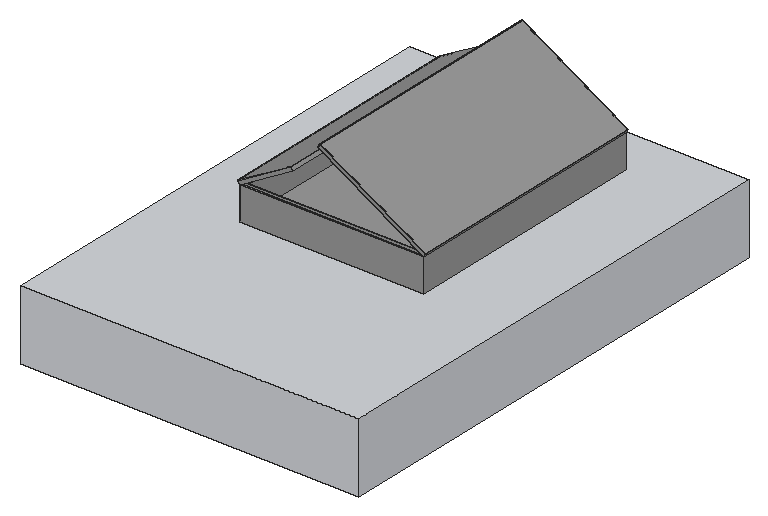
Revit family "Hager-Univers-IP44-D161-H1100-Cl.II-FWQ_encl-NL-en", category Equipement électrique, Revit 2020
Family settings
  Hôte = Face
  Configuration du panneau = Deux colonnes, circuits au sein
  Cote de connecteur circulaire = Utiliser le diamètre
  Type d'élément = Tableau de raccordement
  Couper avec des vides une fois chargée = Non
  Partagée = Non
  Point de calcul de pièce = Non
Parameters (values of type "Surface mounted (plaster) IP44 W800 H1100 D161  - FWQ73P")
  Width Control [instance] = if([EF000008 - Width] > Min Width, [EF000008 - Width], Min Width)  # 800 mm
  Commentaires du type = [HG000003 - Range]  # "Univers"
  Thickness Door [instance] = if([EF009171 - Material plate thickness door/cover] > 3 mm, 3 mm, [EF009171 - Material plate thickness door/cover])  # 2 mm
  Seal Frame Offset [instance] = 17 mm  # constant formula
  Plinth Visibility [instance] = [HG000027 - Plinth height] > 0 mm  # no
  Model = ""
  Min Width [instance] = 100 mm  # constant formula
  Min Height [instance] = 100 mm  # constant formula
  Min Depth [instance] = (2 * [EF009170 - Material plate thickness cabinet]) + 1 mm  # 5 mm
  Internal Frame Depth [instance] = (Door System Depth * 0.5)  # 9 mm
  Height Control [instance] = if([EF000040 - Height] > Min Height, [EF000040 - Height], Min Height)  # 1100 mm
  HG000027 - Plinth height = 0 mm
  HG000026 - Floor standing = no
  HG000024 - Bottom section height = 800 mm
  HG000023 - Double section enclosure = no
  HG000016 - Door 3d visibility [instance] = yes
  HG000015 - Clearance visibility [instance] = no
  HG000014 - Door on the right [instance] = yes
  HG000013 - Door on the left [instance] = not([HG000014 - Door on the right])  # no
  HG000012 - Door swing angle [instance] = 30.00°
  HG000010 - Asymmetric doors = yes
  HG000009 - Double swing door = yes
  HG000006 - Flush mounted = no
  HG000004 - Manufacturer reference = "FWQ73P"
  HG000003 - Range = "Univers"
  HG000002 - With door or cover = yes
  Frame Offset Bottom [instance] = 10 mm  # constant formula
  Frame Offset [instance] = 15 mm  # constant formula
  EF015940 - Cover with overpressure release = no
  EF011959 - Degree of protection (NEMA) = ""
  EF009554 - Number of openings for flange plates = 6
  EF009212 - Cover model = "EV009916 - With notch"
  EF009171 - Material plate thickness door/cover = 2 mm
  EF009170 - Material plate thickness cabinet = 2 mm
  Fabricant = "Hager"  # constant formula
  EF008873 - Nominal current (In) = 125 A
  EF007800 - Suitable for lightning protection = no
  EF006306 - With lock = no
  EF006244 - Transparent cover/door = no
  EF005474 - Degree of protection (IP) = "EV006418 - IP44"
  EF004464 - Type of door = "EV002646 - Single"
  EF004427 - Number of modules = 252
  EF004293 - Impact strength = "EV006815 - IK09"
  EF003532 - Suitable for outdoor use = no
  EF002950 - Width in number of modular spacings = 12
  EF001613 - Circuit integrity = "EV000494 - None"
  EF001596 - Material housing = "EV000179 - Steel"
  EF001131 - Internal depth = 161 mm
  EF001088 - Extension possible = yes
  EF000437 - Number of conduit inlets = 12
  EF000339 - Type of cover = "EV001012 - Cover"
  EF000266 - Number of rows = 21
  EF000218 - Built-in depth = 0 mm
  EF000118 - With mounting plate = yes
  EF000116 - RAL-number = "9010"
  EF000049 - Depth = 161 mm
  EF000040 - Height = 1100 mm
  EF000008 - Width = 800 mm
  EF000007 - Colour = "EV000202 - White"
  EF000003 - Mounting method = "EV000384 - Surface mounted (plaster)"
  Door System Leaf Tolerance [instance] = 1.5 mm  # constant formula
  Door System Depth [instance] = 18 mm  # constant formula
  Door Height [instance] = Height Control - [HG000027 - Plinth height]  # 1100 mm
  Depth Control [instance] = if([EF000049 - Depth] > Min Depth, [EF000049 - Depth], Min Depth)  # 161 mm
  Default Elevation = 0 mm
  Connector Offset [instance] = Height Control / 2  # 550 mm
  Bottom Top Plate Trim [instance] = 1.5 mm  # constant formula
  Plinth height Ctrl [instance] = if([HG000027 - Plinth height] > 0 mm, [HG000027 - Plinth height], 12 mm)  # 12 mm
Types (4, lengths in mm): name | Width Control | HG000010 - Asymmetric doors | HG000009 - Double swing door | HG000004 - Manufacturer reference | EF009554 - Number of openings for flange plates | EF004427 - Number of modules | EF000437 - Number of conduit inlets | EF000266 - Number of rows | EF000008 - Width
  Surface mounted (plaster) IP44 W1050 H1100 D161  - FWQ74P | 1050 | no | yes | "FWQ74P" | 8 | 336 | 16 | 28 | 1050
  Surface mounted (plaster) IP44 W300 H1100 D161  - FWQ71P | 300 | no | no | "FWQ71P" | 2 | 84 | 4 | 1 | 300
  Surface mounted (plaster) IP44 W550 H1100 D161  - FWQ72P | 550 | no | no | "FWQ72P" | 4 | 168 | 8 | 14 | 550
  Surface mounted (plaster) IP44 W800 H1100 D161  - FWQ73P | 800 | yes | yes | "FWQ73P" | 6 | 252 | 12 | 21 | 800
Reference planes
  plane 1 "Center (Front/Back)": y = 0
  plane 2: z = 0
  plane 3 "Center (Left/Right)": x = 0
  plane 4: z = 161
  plane 5: y = 2
  plane 6: y = 550
  plane 7: y = 0
  plane 8: y = 1100
  plane 9: z = 0
  plane 10: x = -385
  plane 11: x = 385
  plane 12: x = 383
  plane 13: x = -383
  plane 14: y = 1098
  plane 15: x = -383
  plane 16: x = -400
  plane 17: x = 383
  plane 18: x = 400
  plane 19: x = 398
  plane 20: x = -398
  plane 21: y = 12
  plane 22: y = 1100
  plane 23: y = 1083
  plane 24: z = 143
  plane 25: z = 2
  plane 26: z = 141
  plane 27: z = 159
Forms (mm)
  Extrusion 1, solid
    sketch origin (0, 0, 0) x (1, 0, 0) y (0, 1, 0)
      loop
        line (-702.964, 1305) -> (-702.964, -811.445) -> (766.763, -811.445) -> (766.763, 1305) -> (-702.964, 1305)
    from 0 to -304.8
  Extrusion 2, solid, material "Hager_Steel_RAL7035_Light_Grey", visible <- "Plinth Visibility", detail levels medium+fine
    sketch origin (0, 0, 0) x (1, 0, 0) y (0, 1, 0)
      loop
        line (-400, 0) -> (400, 0) -> (400, 12) -> (-400, 12) -> (-400, 0)
    from 0 to 143
  Extrusion 3, solid, material "Hager_Steel_RAL7035_Light_Grey", detail levels medium+fine
    sketch origin (0, 0, 0) x (1, 0, 0) y (0, 1, 0)
      loop
        line (-400, 0) -> (400, 0) -> (400, 1100) -> (-400, 1100) -> (-400, 0)
    from 0 to 143
  Extrusion 4, void
    sketch origin (0, 0, 0) x (1, 0, 0) y (0, 1, 0)
      loop
        line (-398, 2) -> (398, 2) -> (398, 1098) -> (-398, 1098) -> (-398, 2)
    from 2 to 141
  Extrusion 5, void
    sketch origin (-381.607, -4572, 143) x (0, -1, 0) y (-1, 0, 0)
      loop
        line (-4584, 1.393) -> (-5655, 1.393) -> (-5655, -764.607) -> (-4584, -764.607) -> (-4584, 1.393)
    from 0 to 2 <- "EF009170 - Material plate thickness cabinet"
  Extrusion 6, solid, material "Hager_Steel_RAL7035_Light_Grey", detail levels fine
    sketch origin (0, 0, 143) x (1, 0, 0) y (0, 1, 0)
      loop
        line (-383, 1083) -> (-383, 12) -> (383, 12) -> (383, 1083) -> (-383, 1083)
      loop
        line (-385, 10) -> (385, 10) -> (385, 1085) -> (-385, 1085) -> (-385, 10)
    from 0 to 9 <- "Internal Frame Depth"
  Extrusion 7, solid, material "Hager_Steel_RAL7035_Light_Grey", detail levels coarse
    sketch origin (0, 0, 0) x (1, 0, 0) y (0, 1, 0)
      loop
        line (-400, 0) -> (400, 0) -> (400, 1100) -> (-400, 1100) -> (-400, 0)
    from 0 to 161
  Sweep 8, void
    path in 3D
      loop
        line (-400, 12, 0) -> (400, 12, 0) -> (400, 12, 143) -> (-400, 12, 143) -> (-400, 12, 0)
    profile origin (-400, 12, 71.5) x (-1, 0, 0) y (0, -1, 0)
      loop
        line (0, 0) -> (0, 1.5) -> (-1.5, 1.5)
        arc (-1.5, 1.5) -> (-1.061, 0.439) -> (0, 0) r 1.5
Cuts and joins
  Extrusion 4, Extrusion 5 cuts Extrusion 3
  Sweep 8 cuts Extrusion 2
Lines and regions (mm)
  Masking region 1
    outline origin (0, 0, 0) x (1, 0, 0) y (0, 0, 1)
      loop
        line (-400, 161) -> (-400, 0) -> (400, 0) -> (400, 161) -> (-400, 161)
  Masking region 2, detail levels medium+fine
    outline origin (0, 140, 0) x (0, 1, 0) y (0, 0, 1)
      loop
        line (-140, 0) -> (960, 0) -> (960, 143) -> (-140, 143) -> (-140, 0)
  Masking region 3, not visible, detail levels medium+fine
    outline origin (0, 297.922, 0) x (0, 1, 0) y (0, 0, 1)
      loop
        line (263.578, 0) -> (303.578, 0) -> (303.578, 149)
        arc (303.578, 149) -> (300.649, 156.071) -> (293.578, 159) r 10
        line (293.578, 159) -> (263.578, 159) -> (263.578, 0)
  Masking region 4, detail levels coarse
    outline origin (0, 0, 180) x (0, 1, 0) y (0, 0, 1)
      loop
        line (0, -180) -> (1100, -180) -> (1100, -19) -> (0, -19) -> (0, -180)
  Masking region 5, visible <- "Plinth Visibility", detail levels medium+fine
    outline origin (0, 52.24, 12.345) x (0, 0, -1) y (0, 1, 0)
      loop
        line (10.845, -40.24) -> (-129.155, -40.24)
        arc (-129.155, -40.24) -> (-129.594, -41.301) -> (-130.655, -41.74) r 1.5
        line (-130.655, -41.74) -> (-130.655, -52.24) -> (12.345, -52.24) -> (12.345, -41.74)
        arc (12.345, -41.74) -> (11.285, -41.301) -> (10.845, -40.24) r 1.5
  Masking region 6, detail levels medium+fine
    outline origin (-381.607, -4572, 143) x (-1, 0, 0) y (0, -1, 0)
      loop
        line (18.393, -5672) -> (18.393, -4572) -> (-781.607, -4572) -> (-781.607, -5672) -> (18.393, -5672)
  Masking region 7, visible <- "Plinth Visibility", detail levels medium+fine
    outline origin (-381.607, -4727, 143) x (-1, 0, 0) y (0, -1, 0)
      loop
        arc (16.893, -4739) -> (17.332, -4737.939) -> (18.393, -4737.5) r 1.5
        line (18.393, -4737.5) -> (18.393, -4727) -> (-781.607, -4727) -> (-781.607, -4737.5)
        arc (-781.607, -4737.5) -> (-780.546, -4737.939) -> (-780.107, -4739) r 1.5
        line (-780.107, -4739) -> (16.893, -4739)
  Masking region 8, detail levels coarse
    outline origin (-442.548, -4669.526, 143) x (-1, 0, 0) y (0, -1, 0)
      loop
        line (-42.548, -5769.526) -> (-42.548, -4669.526) -> (-842.548, -4669.526) -> (-842.548, -5769.526) -> (-42.548, -5769.526)
  sketch lines
    curve 1: line (-400, 12, 143) -> (-400, 12, 0)
    curve 2: line (400, 12, 143) -> (-400, 12, 143)
    curve 3: line (400, 12, 143) -> (400, 12, 0)
    curve 4: line (-400, 12, 0) -> (400, 12, 0)
Dimensions and locks
  "Depth Control": plane 4 to Extrusion 1
  "HG000027 - Plinth height": plane 1 "Center (Front/Back)" to plane 7
  "EF009170 - Material plate thickness cabinet": plane 5 to plane 7
  locked: connector elem to plane 3 "Center (Left/Right)"
  equal spacing: plane 8, plane 6, plane 7
  locked: connector elem to plane 6
  "EF009170 - Material plate thickness cabinet": plane 8 to plane 14
  "EF009170 - Material plate thickness cabinet": plane 10 to plane 13
  "EF009170 - Material plate thickness cabinet": plane 12 to plane 11
  "Frame Offset": plane 20 to plane 13
  "Frame Offset": plane 12 to plane 19
  "EF009170 - Material plate thickness cabinet": plane 16 to plane 20
  "EF009170 - Material plate thickness cabinet": plane 19 to plane 18
  "Seal Frame Offset": plane 16 to plane 15
  "Seal Frame Offset": plane 17 to plane 18
  "Frame Offset Bottom": plane 21 to plane 5
  "Frame Offset": plane 14 to plane 23
  equal spacing: plane 16, plane 3 "Center (Left/Right)", plane 18
  "Width Control": plane 16 to plane 18
  "EF009170 - Material plate thickness cabinet": plane 4 to plane 27
  "EF009170 - Material plate thickness cabinet": plane 24 to plane 26
  "EF009170 - Material plate thickness cabinet": plane 25 to level
  "Door System Depth": plane 4 to plane 24
  "Height Control": plane 1 "Center (Front/Back)" to Extrusion 7 sketch curve
  "Height Control": Masking region 4 sketch curve to plane 1 "Center (Front/Back)"
  "Height Control": plane 1 "Center (Front/Back)" to plane 22
  "Bottom Top Plate Trim": profile plane to Sweep 8 sketch curve
  "Bottom Top Plate Trim": Sweep 8 sketch curve to profile plane
  "Plinth height Ctrl": plane 1 "Center (Front/Back)" to Extrusion 2 sketch curve
  "Plinth height Ctrl": Masking region 5 sketch curve to plane 1 "Center (Front/Back)"
  "Plinth height Ctrl": plane 1 "Center (Front/Back)" to Masking region 7 sketch curve
  "Thickness Door": Extrusion 6 sketch curve to Extrusion 6 sketch curve  (x3)
  "Thickness Door": cut or joined group of Extrusion 3, Extrusion 4, Extrusion 5 to Extrusion 6 sketch curve
  radius of Masking region 3 sketch curve = 10 mm
  "Bottom Top Plate Trim": radius of Masking region 5 sketch curve  (x2)
  "Bottom Top Plate Trim": radius of Sweep 8 sketch curve
  "Bottom Top Plate Trim": radius of Masking region 7 sketch curve  (x2)
  aligned and locked: plane 2 to Extrusion 1
  aligned and locked: level to Extrusion 1
  aligned and locked: level to Masking region 1 sketch curve
  aligned and locked: Masking region 1 sketch curve to plane 18
  aligned and locked: Masking region 1 sketch curve to plane 16
  aligned and locked: plane 7 to Masking region 2 sketch curve
  aligned and locked: level to Masking region 3 sketch curve
  aligned and locked: Masking region 3 sketch curve to plane 27
  aligned and locked: level to Masking region 2 sketch curve
  aligned and locked: plane 1 "Center (Front/Back)" to Extrusion 2 sketch curve
  aligned and locked: Extrusion 3 sketch curve to plane 7
  aligned and locked: plane 16 to Extrusion 3 sketch curve
  aligned and locked: plane 18 to Extrusion 3 sketch curve
  aligned and locked: plane 20 to Extrusion 4 sketch curve
  aligned and locked: plane 19 to Extrusion 4 sketch curve
  aligned and locked: Extrusion 4 sketch curve to plane 5
  aligned and locked: Extrusion 4 to plane 25
  aligned and locked: plane 26 to Extrusion 4
  aligned and locked: plane 24 to Extrusion 3
  aligned and locked: Extrusion 5 sketch curve to plane 21
  aligned and locked: Extrusion 5 sketch curve to plane 13
  aligned and locked: Extrusion 5 sketch curve to plane 12
  aligned and locked: plane 18 to Extrusion 7 sketch curve
  aligned and locked: plane 1 "Center (Front/Back)" to Extrusion 7 sketch curve
  aligned and locked: plane 16 to Extrusion 7 sketch curve
  aligned and locked: plane 4 to Extrusion 7
  aligned and locked: Extrusion 7 to level
  aligned and locked: level to Masking region 4 sketch curve
  aligned and locked: Masking region 4 sketch curve to plane 1 "Center (Front/Back)"
  aligned and locked: Masking region 4 sketch curve to plane 4
  aligned and locked: nested 1 to level
  aligned and locked: nested 1 to plane 16
  aligned and locked: plane 8 to Extrusion 3 sketch curve
  aligned and locked: plane 23 to Extrusion 5 sketch curve
  aligned and locked: plane 14 to Extrusion 4 sketch curve
  aligned and locked: Masking region 2 sketch curve to plane 8
  aligned and locked: level to Masking region 5 sketch curve
  aligned and locked: plane 16 to Extrusion 2 sketch curve
  aligned and locked: plane 18 to Extrusion 2 sketch curve
  aligned and locked: Masking region 5 sketch curve to plane 24
  aligned and locked: Masking region 2 sketch curve to plane 24
  aligned and locked: plane 24 to Extrusion 2
  aligned and locked: profile plane to Sweep 8 sketch curve  (x2)
  aligned and locked: Masking region 6 sketch curve to plane 18
  aligned and locked: Masking region 6 sketch curve to plane 22
  aligned and locked: Masking region 6 sketch curve to plane 16
  aligned and locked: plane 8 to plane 22
  aligned and locked: Masking region 6 sketch curve to plane 7
  aligned and locked: Masking region 7 sketch curve to plane 16
  aligned and locked: Masking region 7 sketch curve to plane 1 "Center (Front/Back)"
  aligned and locked: Masking region 7 sketch curve to plane 18
  aligned and locked: Masking region 8 sketch curve to plane 1 "Center (Front/Back)"
  aligned and locked: Masking region 8 sketch curve to plane 18
  aligned and locked: Masking region 8 sketch curve to plane 22
  aligned and locked: Masking region 8 sketch curve to plane 16
  aligned and locked: nested 2 to plane 7
  aligned and locked: plane 3 "Center (Left/Right)" to nested 2
  aligned and locked: nested 2 to plane 24
  aligned and locked: Extrusion 6 sketch curve to cut or joined group of Extrusion 3, Extrusion 4, Extrusion 5  (x4)
Automatic sketch dimensions
  Extrusion 1 sketch curve to Extrusion 1 sketch curve = 1469.727 mm
  Extrusion 1 sketch curve to Extrusion 1 sketch curve = 2116.445 mm
  Masking region 1 sketch curve to plane 4 = 0 mm
  plane 6 to Masking region 3 sketch curve = 11.5 mm
  Masking region 3 sketch curve to Masking region 3 sketch curve = 30 mm
  Masking region 5 sketch curve to plane 1 "Center (Front/Back)" = 0 mm
Nested families
  nested 1: "Hager_Enclosure_Symbol" at (-400, 0, 0) x (1, 0, 0) z (0, -1, 0), Height <- "Depth Control", Width <- "Width Control", type "Hager_Enclosure_Symbol"
    with Width_Ctrl 800 mm, Width 800 mm, Height_Ctrl 161 mm, Height 161 mm, A_Width_Int 10.566 mm, A_Width 126.788 mm, A_Height_Ctrl 140.875 mm, A_Height 140.875 mm
  nested 2: "EC000058_Univers_Door" at (0, 0, 143) x (1, 0, 0) z (0, 1, 0), Leaf_Tolerance <- "Door System Leaf Tolerance", Angle <- "HG000012 - Door swing angle", Door_Depth <- "Door System Depth", Door_Left <- "HG000013 - Door on the left", Transparent <- "EF006244 - Transparent cover/door", Assymetrical <- "HG000010 - Asymmetric doors", Width <- "Width Control", Clearance <- "HG000015 - Clearance visibility", Double <- "HG000009 - Double swing door", 3d_Door <- "HG000016 - Door 3d visibility", Lock_Visibility <- "EF006306 - With lock", Width_Ctrl <- "Width Control", Door_Right <- "HG000014 - Door on the right", Door <- "HG000002 - With door or cover", Height <- "Door Height", Thickness <- "Thickness Door", type "EC000058_Univers_Door", detail levels medium+fine
    with min_wh 5 mm, Width_Ctrl 800 mm, Width 800 mm, Transparent no, Thickness 2 mm, Seal_Material Hager_Rubber, Lock_Visibility no, Lock_Material Hager_Plastic_RAL9005_Jet_Black, Leaf_Width 800 mm, Leaf_Tolerance_External_Sides 0 mm, Leaf_Tolerance 1.5 mm, Leaf_Offset 0 mm, Leaf_Height 1097 mm, Leaf_2_Width 532.583 mm, Leaf_2_Offset 266.292 mm, Leaf_1_Width 265.917 mm, Leaf_1_Offset 132.958 mm, Height_Ctrl 1100 mm, Height 1100 mm, Glass_Material Hager_Glass, Double_Clearance_Ctrl no, Double yes, Door_Right_Ctrl yes, Door_Right yes, Door_Material Hager_Steel_RAL7035_Light_Grey, Door_Left_Ctrl yes, Door_Left no, Door_Depth 18 mm, Door yes, Clearance_Material Hager_Clearance, Clearance_Depth 532.583 mm, Clearance_Ctrl no, Clearance no, Assymetrical yes, Angle 30.00°, 3d_Door yes
Connectors
  electrical at (0, 550, 0)
    settings: on plane 9, index 1, voltage 0 V, apparent load 0 VA, apparent load phase1 0 VA, apparent load phase2 0 VA, apparent load phase3 0 VA, power factor 1, load classification "Other", number of poles 1, system type 30, power factor state 1, is connector primary yes, connector utility no, sub classification motor no, connector description ""
Definition of nested family "EC000058_Univers_Door"
  Parameters (values of type "EC000058_Univers_Door")
    min_wh [instance] = (2 * Thickness) + 1 mm  # 11 mm
    Width_Ctrl [instance] = 400 mm
    Width [instance] = 500 mm
    Transparent [instance] = yes
    Thickness [instance] = 5 mm
    Seal_Material [instance] = none
    Lock_Visibility [instance] = yes
    Lock_Material [instance] = none
    Leaf_Width [instance] = if((Width_Ctrl - 2 * Leaf_Tolerance_External_Sides) > 0 mm, (Width_Ctrl - 2 * Leaf_Tolerance_External_Sides), min_wh)  # 400 mm
    Leaf_Tolerance_External_Sides [instance] = 0 mm  # constant formula
    Leaf_Tolerance [instance] = 1.5 mm
    Leaf_Offset [instance] = 0 mm  # constant formula
    Leaf_Height [instance] = if((Height_Ctrl - 2 * Leaf_Tolerance) > 0 mm, (Height_Ctrl - 2 * Leaf_Tolerance), min_wh)  # 497 mm
    Leaf_2_Width [instance] = if(and(and(Double, Assymetrical), Door_Left), (Leaf_Width / 3) - (Leaf_Tolerance / 2), if(and(and(Double, Assymetrical), Door_Right), (Leaf_Width / 3) * 2 - (Leaf_Tolerance / 2), if(and(Double, not(Assymetrical)), (Leaf_Width / 2) - Leaf_Tolerance, Leaf_Width)))  # 400 mm
    Leaf_2_Offset [instance] = if(and(Double, Assymetrical), Leaf_2_Width / 2, if(and(Double, not(Assymetrical)), Leaf_Width / 4, Leaf_Width / 2))  # 200 mm
    Leaf_1_Width [instance] = if(and(and(Double, Assymetrical), Door_Right), (Leaf_Width / 3) - (Leaf_Tolerance / 2), if(and(and(Double, Assymetrical), Door_Left), (Width / 3) * 2 - (Leaf_Tolerance / 2), if(and(Double, not(Assymetrical)), (Leaf_Width / 2) - Leaf_Tolerance, Leaf_Width)))  # 400 mm
    Leaf_1_Offset [instance] = if(and(Double, Assymetrical), Leaf_1_Width / 2, if(and(Double, not(Assymetrical)), Leaf_Width / 4, Leaf_Width / 2))  # 200 mm
    Height_Ctrl [instance] = if(Height > min_wh, Height, min_wh)  # 500 mm
    Height [instance] = 500 mm
    Glass_Material [instance] = none
    Double_Clearance_Ctrl [instance] = and(Double, Clearance)  # no
    Double [instance] = no
    Door_Right_Ctrl [instance] = and(or(Door_Right, Double), Door)  # yes
    Door_Right [instance] = yes
    Door_Material [instance] = none
    Door_Left_Ctrl [instance] = and(or(Door_Left, Double), Door)  # no
    Door_Left [instance] = no
    Door_Depth [instance] = 30 mm
    Door [instance] = yes
    Default Elevation = 1219.2 mm
    Clearance_Material [instance] = none
    Clearance_Depth [instance] = if(Leaf_1_Width > Leaf_2_Width, Leaf_1_Width, Leaf_2_Width)  # 400 mm
    Clearance_Ctrl [instance] = and(not(Double), Clearance)  # yes
    Clearance [instance] = yes
    Assymetrical [instance] = yes
    Angle [instance] = 30.00°
    3d_Door [instance] = yes
  Reference planes
    plane 1 "Center (Front/Back)": y = 0
    plane 2 "Bottom": z = 0
    plane 3 "Center (Left/Right)": x = 0
    plane 4: z = 500
    plane 5: x = -200
    plane 6: x = 200
    plane 7: z = 500
    plane 8: x = -200
    plane 9: z = 0
    plane 10: x = 200
    plane 11: y = 0
    plane 12: z = 1.5
    plane 13: x = -600
    plane 14: y = -400
    plane 15: x = 600
    plane 16: x = 0
    plane 17: x = 0
    plane 18: x = -200
    plane 19: x = 200
    plane 20: z = 498.5
  Forms (mm)
    Extrusion 1, solid, material <- "Clearance_Material", visible <- "Double_Clearance_Ctrl"
      sketch origin (1200, 0, 0) x (1, 0, 0) y (0, 0, -1)
        loop
          line (-1800, -498.5) -> (-600, -498.5) -> (-600, 0) -> (-1800, 0) -> (-1800, -498.5)
      from 0 to -400
  Dimensions and locks
    equal spacing: plane 5, plane 3 "Center (Left/Right)", plane 6
    "Width_Ctrl": plane 5 to plane 6
    "Leaf_Offset": plane 5 to plane 8
    "Leaf_Offset": plane 6 to plane 10
    "Leaf_Offset": plane 9 to level
    "Leaf_Offset": plane 4 to plane 7
    "Height_Ctrl": plane 4 to level
    "Leaf_Tolerance": plane 12 to plane 9
    locked: plane 11 to plane 1 "Center (Front/Back)"
    "Leaf_1_Offset": plane 18 to plane 16
    "Leaf_2_Offset": plane 17 to plane 19
    "Leaf_1_Width": plane 13 to plane 8
    "Leaf_2_Width": plane 10 to plane 15
    "Clearance_Depth": plane 14 to plane 1 "Center (Front/Back)"
    "Leaf_Tolerance_External_Sides": plane 8 to plane 18
    "Leaf_Tolerance_External_Sides": plane 19 to plane 10
    "Leaf_Tolerance": plane 7 to plane 20
    aligned and locked: level to plane 2 "Bottom"
    aligned and locked: nested 1 to plane 16
    aligned and locked: nested 2 to plane 17
    aligned and locked: Extrusion 1 to plane 13
    aligned and locked: plane 15 to Extrusion 1
    aligned and locked: Extrusion 1 to plane 14
    aligned and locked: plane 12 to nested 1
    aligned and locked: nested 2 to plane 12
    aligned and locked: Extrusion 1 to plane 11
    aligned and locked: plane 20 to Extrusion 1
    aligned and locked: nested 2 to plane 11
    aligned and locked: nested 1 to plane 11
  Automatic sketch dimensions
    Extrusion 1 sketch curve to level = 0 mm
    plane 5 to Extrusion 1 sketch curve = 400 mm
    plane 6 to Extrusion 1 sketch curve = 400 mm
    Extrusion 1 sketch curve to plane 4 = 1.5 mm
  Nested families
    nested 1: "EC000058_Univers_Door_Leaf" at (0, 0, 1.5), Width <- "Leaf_1_Width", visible <- "Door_Left_Ctrl", Leaf_Height <- "Leaf_Height", Angle <- "Angle", 3d_Door <- "3d_Door", Transparent <- "Transparent", Clearance Material <- "Clearance_Material", Clearance <- "Clearance_Ctrl", Door_Material <- "Door_Material", Glass_Material <- "Glass_Material", Door_Depth <- "Door_Depth", Lock_Material <- "Lock_Material", Seal_Material <- "Seal_Material", Lock_Visibility <- "Lock_Visibility", Thickness <- "Thickness", type "EC000058_Univers_Door_Leaf"
      with Width 400 mm, Transparent_Glass_Offset 30 mm, Transparent_Ctrl yes, Transparent yes, Thickness 5 mm, Standard no, Seal_Material none, Seal_D2 8 mm, Seal_D1 1 mm, Offset_Internal_Frame 10 mm, Lock_Width 20 mm, Lock_Visibility_3d yes, Lock_Visibility yes, Lock_Thickness_3 3 mm, Lock_Thickness_2 1 mm, Lock_Thickness_1 3 mm, Lock_Radius_Offset_2 16 mm, Lock_Radius_Offset_1 15 mm, Lock_Radius_2 5 mm, Lock_Radius 6 mm, Lock_Offset 5 mm, Lock_Material none, Lock_Height 80 mm, Lock_Cover_Top_Offset_2d 17 mm, Lock_Cover_Height -65 mm, Leaf_Height 497 mm, Internal_Seal_Thickness 8 mm, Internal_Seal_Depth_2 4.5 mm, Internal_Frame_Depth 25 mm, Glass_Thickness -1 mm, Glass_Offset -2 mm, Glass_Material none, Door_Material none, Door_Depth 30 mm, Clearance Material none, Clearance yes, Angle_Ctrl 30.00°, Angle 30.00°, 3d_Door yes
    nested 2: "EC000058_Univers_Door_Leaf" at (0, 0, 1.5) x (-1, 0, 0) z (0, 0, 1), Width <- "Leaf_2_Width", visible <- "Door_Right_Ctrl", Leaf_Height <- "Leaf_Height", Angle <- "Angle", 3d_Door <- "3d_Door", Transparent <- "Transparent", Clearance Material <- "Clearance_Material", Clearance <- "Clearance_Ctrl", Door_Material <- "Door_Material", Glass_Material <- "Glass_Material", Door_Depth <- "Door_Depth", Lock_Material <- "Lock_Material", Seal_Material <- "Seal_Material", Lock_Visibility <- "Lock_Visibility", Thickness <- "Thickness", type "EC000058_Univers_Door_Leaf"
      with Width 400 mm, Transparent_Glass_Offset 30 mm, Transparent_Ctrl yes, Transparent yes, Thickness 5 mm, Standard no, Seal_Material none, Seal_D2 8 mm, Seal_D1 1 mm, Offset_Internal_Frame 10 mm, Lock_Width 20 mm, Lock_Visibility_3d yes, Lock_Visibility yes, Lock_Thickness_3 3 mm, Lock_Thickness_2 1 mm, Lock_Thickness_1 3 mm, Lock_Radius_Offset_2 16 mm, Lock_Radius_Offset_1 15 mm, Lock_Radius_2 5 mm, Lock_Radius 6 mm, Lock_Offset 5 mm, Lock_Material none, Lock_Height 80 mm, Lock_Cover_Top_Offset_2d 17 mm, Lock_Cover_Height -65 mm, Leaf_Height 497 mm, Internal_Seal_Thickness 8 mm, Internal_Seal_Depth_2 4.5 mm, Internal_Frame_Depth 25 mm, Glass_Thickness -1 mm, Glass_Offset -2 mm, Glass_Material none, Door_Material none, Door_Depth 30 mm, Clearance Material none, Clearance yes, Angle_Ctrl 30.00°, Angle 30.00°, 3d_Door yes
  Definition of nested family "EC000058_Univers_Door_Leaf"
    Parameters (values of type "EC000058_Univers_Door_Leaf")
      Width [instance] = 2000 mm
      Transparent_Glass_Offset [instance] = 30 mm
      Transparent_Ctrl [instance] = and(Transparent, [3d_Door])  # yes
      Transparent [instance] = yes
      Thickness [instance] = 5 mm
      Standard [instance] = and(not(Transparent), [3d_Door])  # no
      Seal_Material [instance] = none
      Seal_D2 [instance] = 8 mm  # constant formula
      Seal_D1 [instance] = 1 mm  # constant formula
      Offset_Internal_Frame [instance] = 10 mm  # constant formula
      Lock_Width [instance] = 20 mm  # constant formula
      Lock_Visibility_3d [instance] = and(Lock_Visibility, [3d_Door])  # yes
      Lock_Visibility [instance] = yes
      Lock_Thickness_3 [instance] = 3 mm  # constant formula
      Lock_Thickness_2 [instance] = 1 mm  # constant formula
      Lock_Thickness_1 [instance] = 3 mm  # constant formula
      Lock_Radius_Offset_2 [instance] = Lock_Radius_Offset_1 + 1 mm  # 16 mm
      Lock_Radius_Offset_1 [instance] = 15 mm  # constant formula
      Lock_Radius_2 [instance] = Lock_Radius - 1 mm  # 5 mm
      Lock_Radius [instance] = 6 mm  # constant formula
      Lock_Offset [instance] = 5 mm  # constant formula
      Lock_Material [instance] = none
      Lock_Height [instance] = 80 mm  # constant formula
      Lock_Cover_Top_Offset_2d [instance] = Lock_Radius_Offset_2 + 1 mm  # 17 mm
      Lock_Cover_Height [instance] = -(Lock_Height - Lock_Radius_Offset_1)  # -65 mm
      Leaf_Height [instance] = 2720.336 mm
      Internal_Seal_Thickness [instance] = 8 mm  # constant formula
      Internal_Seal_Depth_2 [instance] = 4.5 mm  # constant formula
      Internal_Frame_Depth [instance] = if(Door_Depth - Thickness > 5 mm, Door_Depth - Thickness, 5 mm)  # 25 mm
      Glass_Thickness [instance] = if(Thickness > 15 mm, Glass_Offset + 10 mm, -1 mm)  # -1 mm
      Glass_Offset [instance] = if(Thickness > 15 mm, -(Thickness + 10 mm) / 2, -2 mm)  # -2 mm
      Glass_Material [instance] = none
      Door_Material [instance] = none
      Door_Depth [instance] = 30 mm
      Default Elevation = 0 mm
      Clearance Material [instance] = none
      Clearance [instance] = yes
      Angle_Ctrl [instance] = if(Angle > 180.00°, 180.00°, Angle)  # 90.00°
      Angle [instance] = 90.00°
      3d_Door [instance] = yes
    Reference planes
      plane 1 "Center (Front/Back)": y = 0
      plane 2: z = 0
      plane 3 "Center (Left/Right)": x = 0
      plane 4: y = 2000
      plane 5: x = -1000
      plane 6: x = 1000
      plane 7: x = -3000
      plane 8: z = 2720.336
      plane 9: z = 30
      plane 10: z = 2690.336
      plane 11: x = 970
      plane 12: x = -970
      plane 13: y = -3
      plane 14: z = 107.833
      plane 15: y = -5
      plane 16: y = -223.314
      plane 17: x = -1000
      plane 18: z = 1360.168
      plane 19: y = 30
    Forms (mm)
      Extrusion 1, solid, material <- "Clearance Material", visible <- "Clearance"
        sketch origin (0, 0, 0) x (1, 0, 0) y (0, 0, 1)
          loop
            line (-3000, 2720.336) -> (-3000, 0) -> (1000, 0) -> (1000, 2720.336) -> (-3000, 2720.336)
        from 0 to -2000
      Extrusion 2, solid, material <- "Door_Material", visible <- "Standard", detail levels medium+fine
        sketch origin (-1000, 0, 0) x (0, 1, 0) y (-1, 0, 0)
          loop
            line (0, 30) -> (0, 25) -> (2000, 25) -> (2000, 30) -> (0, 30)
        from 0 to 2720.336 <- "Leaf_Height"
      Extrusion 3, solid, material <- "Door_Material", visible <- "Transparent_Ctrl", detail levels medium+fine
        sketch origin (-1000, 0, 0) x (0, 1, 0) y (-1, 0, 0)
          loop
            line (0, 25) -> (2000, 25) -> (2000, 30) -> (0, 30) -> (0, 25)
        from 0 to 2720.336 <- "Leaf_Height"
      Extrusion 4, void
        sketch origin (-1025, 2000, 0) x (0, 1, 0) y (0, 0, -1)
          loop
            line (-30, -2690.336) -> (-30, -30) -> (-1970, -30) -> (-1970, -2690.336) -> (-30, -2690.336)
        from 0 to 5 <- "Thickness"
      Sweep 5, solid, material <- "Seal_Material", visible <- "Transparent_Ctrl", detail levels fine
        path in 3D
          loop
            line (-1025, 30, 30) -> (-1025, 30, 2690.336) -> (-1025, 1970, 2690.336) -> (-1025, 1970, 30) -> (-1025, 30, 30)
        profile origin (-1025, 1000, 30) x (1, 0, 0) y (0, 0, 1)
          loop
            line (0, 0) -> (0, -8) -> (1, -8) -> (1, 0) -> (0, 0)
      Extrusion 6, solid, material <- "Glass_Material", visible <- "Transparent_Ctrl", detail levels medium+fine
        sketch origin (-1030, 0, 0) x (0, 1, 0) y (0, 0, -1)
          loop
            line (1970, -2690.336) -> (1970, -30) -> (30, -30) -> (30, -2690.336) -> (1970, -2690.336)
        from -2 <- "Glass_Offset" to -1 <- "Glass_Thickness"
      Extrusion 7, solid, material <- "Door_Material", visible <- "3d_Door", detail levels medium+fine
        sketch origin (-1025, 2000, 0) x (0, -1, 0) y (0, 0, -1)
          loop
            line (0, -2720.336) -> (2000, -2720.336) -> (2000, 0) -> (0, 0) -> (0, -2720.336)
          loop
            line (1995, -5) -> (5, -5) -> (5, -2715.336) -> (1995, -2715.336) -> (1995, -5)
        from 0 to 25 <- "Internal_Frame_Depth"
      Sweep 8, solid, material <- "Seal_Material", visible <- "Transparent_Ctrl", detail levels fine
        path in 3D
          loop
            line (-1025, 0, 0) -> (-1025, 2000, 0) -> (-1025, 2000, 2720.336) -> (-1025, 0, 2720.336) -> (-1025, 0, 0)
        profile origin (-1025, 0, 1360.168) x (1, 0, 0) y (0, 1, 0)
          loop
            line (0, 10) -> (2.975, 10)
            arc (2.975, 10) -> (4.053, 10.447) -> (4.5, 11.525) r 1.525
            line (4.5, 11.525) -> (4.5, 16.527)
            arc (4.5, 16.527) -> (4.069, 17.569) -> (3.027, 18) r 1.473
            line (3.027, 18) -> (0, 18) -> (0, 10)
      Extrusion 9, solid, material <- "Lock_Material", visible <- "Lock_Visibility_3d", detail levels fine
        sketch origin (-1030, 0, 0) x (0, 1, 0) y (0, 0, -1)
          loop
            arc (1993.5, -1400.168) -> (1994.561, -1399.729) -> (1995, -1398.668) r 1.5
            line (1995, -1398.668) -> (1995, -1320.168) -> (1975, -1320.168) -> (1975, -1398.668)
            arc (1975, -1398.668) -> (1975.439, -1399.729) -> (1976.5, -1400.168) r 1.5
            line (1976.5, -1400.168) -> (1993.5, -1400.168)
        from 3 <- "Lock_Thickness_1" to 0
      Blend 10, solid, material <- "Lock_Material", visible <- "Lock_Visibility_3d", detail levels fine
        base sketch origin (-1033, 0, 0) x (0, 1, 0) y (0, 0, -1)
          loop
            line (1975, -1320.168) -> (1975, -1398.668)
            arc (1975, -1398.668) -> (1975.439, -1399.729) -> (1976.5, -1400.168) r 1.5
            line (1976.5, -1400.168) -> (1993.5, -1400.168)
            arc (1993.5, -1400.168) -> (1994.561, -1399.729) -> (1995, -1398.668) r 1.5
            line (1995, -1398.668) -> (1995, -1320.168) -> (1975, -1320.168)
        top sketch origin (-1033, 0, 0) x (0, 1, 0) y (0, 0, -1)
          loop
            line (1976, -1320.168) -> (1976, -1398.668)
            arc (1976, -1398.668) -> (1976.146, -1399.022) -> (1976.5, -1399.168) r 0.5
            line (1976.5, -1399.168) -> (1993.5, -1399.168)
            arc (1993.5, -1399.168) -> (1993.854, -1399.022) -> (1994, -1398.668) r 0.5
            line (1994, -1398.668) -> (1994, -1320.168) -> (1976, -1320.168)
        from 0 to 1 <- "Lock_Thickness_2"
      Blend 11, solid, material <- "Lock_Material", visible <- "Lock_Visibility_3d", detail levels fine
        base sketch origin (-1034, 0, 0) x (0, 1, 0) y (0, 0, -1)
          loop
            line (1978, -1320.168) -> (1978, -1384.168)
            arc (1978, -1384.168) -> (1985, -1391.168) -> (1992, -1384.168) r 7
            line (1992, -1384.168) -> (1992, -1320.168) -> (1978, -1320.168)
        top sketch origin (-1034, 0, 0) x (0, 1, 0) y (0, 0, -1)
          loop
            line (1991, -1320.168) -> (1979, -1320.168) -> (1979, -1383.168)
            arc (1979, -1383.168) -> (1985, -1389.168) -> (1991, -1383.168) r 6
            line (1991, -1383.168) -> (1991, -1320.168)
        from 0 to 3 <- "Lock_Thickness_3"
      Extrusion 12, solid, material <- "Lock_Material", visible <- "Lock_Visibility_3d", detail levels fine
        sketch origin (-1030, 1975, 1320.168) x (1, 0, 0) y (0, -1, 0)
          loop
            line (-7, -19) -> (-7, -1) -> (0, -1) -> (0, 0) -> (-8, 0) -> (-8, -20) -> (0, -20) -> (0, -19) -> (-7, -19)
        from 0 to -65 <- "Lock_Cover_Height"
      Extrusion 13, void
        sketch origin (-1038, 1995, 1320.168) x (-1, 0, 0) y (0, 0, -1)
          loop
            line (-5, -65) -> (0, -65) -> (-5, -60) -> (-5, -65)
        from 0 to 20 <- "Lock_Width"
      Extrusion 14, void
        sketch origin (-1038, 1975, 1320.168) x (0, -1, 0) y (0, 0, -1)
          loop
            circle (-10, -15.995) r 6
          loop
            circle (-10, -15.995) r 5
        from 0 to 2
      Extrusion 15, solid, material <- "Lock_Material", visible <- "Lock_Visibility_3d", detail levels medium
        sketch origin (-1030, 0, 0) x (0, 1, 0) y (0, 0, -1)
          loop
            arc (1993.5, -1400.168) -> (1994.561, -1399.729) -> (1995, -1398.668) r 1.5
            line (1995, -1398.668) -> (1995, -1320.168) -> (1975, -1320.168) -> (1975, -1398.668)
            arc (1975, -1398.668) -> (1975.439, -1399.729) -> (1976.5, -1400.168) r 1.5
            line (1976.5, -1400.168) -> (1993.5, -1400.168)
        from 8 to 0
    Cuts and joins
      Extrusion 4 cuts Extrusion 3
      Extrusion 13, Extrusion 14 cuts Extrusion 9
      Extrusion 14 cuts Blend 11
      Extrusion 13, Extrusion 14 cuts Extrusion 12
      joined: Extrusion 9, Blend 10, Blend 11, Extrusion 12
      Extrusion 14 cuts Extrusion 15
    Lines and regions (mm)
      Masking region 1, visible <- "Lock_Visibility", detail levels fine
        outline origin (0, 0, 0) x (0, 1, 0) y (0, 0, 1)
          loop
            line (30, 1320.168) -> (33, 1320.168) -> (33, 1400.168) -> (30, 1400.168) -> (30, 1320.168)
      Masking region 2, visible <- "Lock_Visibility", detail levels fine
        outline origin (0, 3.143, 0) x (0, 1, 0) y (0, 0, 1)
          loop
            line (29.857, 1354.168) -> (30.857, 1354.168) -> (30.857, 1366.168) -> (29.857, 1366.168) -> (29.857, 1354.168)
      Masking region 3, detail levels medium+fine
        outline origin (0, 0, 0) x (0, 1, 0) y (0, 0, 1)
          loop
            line (0, 0) -> (30, 0) -> (30, 2720.336) -> (0, 2720.336) -> (0, 0)
      Masking region 4, detail levels medium+fine
        outline origin (0, 0, 0) x (1, 0, 0) y (0, 0, 1)
          loop
            line (-1000, 2720.336) -> (-1000, 0) -> (1000, 0) -> (1000, 2720.336) -> (-1000, 2720.336)
      Masking region 5, visible <- "Lock_Visibility", detail levels fine
        outline origin (-47.116, 0, 0) x (1, 0, 0) y (0, 0, 1)
          loop
            arc (1024.616, 1399.168) -> (1023.556, 1398.729) -> (1023.116, 1397.668) r 1.5
            line (1023.116, 1397.668) -> (1023.116, 1320.168) -> (1041.116, 1320.168) -> (1041.116, 1397.668)
            arc (1041.116, 1397.668) -> (1040.677, 1398.729) -> (1039.616, 1399.168) r 1.5
            line (1039.616, 1399.168) -> (1024.616, 1399.168)
      Masking region 6, visible <- "Lock_Visibility", detail levels medium+fine
        outline origin (-25, 0, 0) x (1, 0, 0) y (0, 0, 1)
          loop
            arc (1001.5, 1400.168) -> (1000.439, 1399.729) -> (1000, 1398.668) r 1.5
            line (1000, 1398.668) -> (1000, 1320.168) -> (1020, 1320.168) -> (1020, 1398.668)
            arc (1020, 1398.668) -> (1019.561, 1399.729) -> (1018.5, 1400.168) r 1.5
            line (1018.5, 1400.168) -> (1001.5, 1400.168)
      Masking region 7, visible <- "Lock_Visibility", detail levels fine
        outline origin (-73.735, 0, 0) x (1, 0, 0) y (0, 0, 1)
          loop
            line (1051.735, 1382.168) -> (1065.735, 1382.168) -> (1065.735, 1384.168)
            arc (1065.735, 1384.168) -> (1058.735, 1391.168) -> (1051.735, 1384.168) r 7
            line (1051.735, 1384.168) -> (1051.735, 1382.168)
      Masking region 8, visible <- "Lock_Visibility", detail levels fine
        outline origin (-73.735, 0, 0) x (1, 0, 0) y (0, 0, 1)
          loop
            line (1052.735, 1382.168) -> (1064.735, 1382.168) -> (1064.735, 1383.168)
            arc (1064.735, 1383.168) -> (1058.735, 1389.168) -> (1052.735, 1383.168) r 6
            line (1052.735, 1383.168) -> (1052.735, 1382.168)
      Masking region 9, visible <- "Lock_Visibility", detail levels fine
        outline origin (-25, 0, 0) x (1, 0, 0) y (0, 0, 1)
          loop
            line (1020, 1320.168) -> (1020, 1382.168) -> (1000, 1382.168) -> (1000, 1320.168) -> (1020, 1320.168)
      Masking region 10, detail levels medium+fine
        outline origin (0, 0, 0) x (1, 0, 0) y (0, 0, 1)
          loop
            circle (985, 1335.144) r 6
      Masking region 11, detail levels fine
        outline origin (0, 0, 0) x (1, 0, 0) y (0, 0, 1)
          loop
            circle (985, 1335.144) r 5
      Masking region 12, visible <- "Lock_Visibility", detail levels fine
        outline origin (0, 12.767, 0) x (0, 1, 0) y (0, 0, 1)
          loop
            line (20.233, 1320.168) -> (21.233, 1320.168) -> (21.233, 1399.168) -> (20.233, 1400.168) -> (20.233, 1320.168)
      Masking region 13, visible <- "Lock_Visibility", detail levels fine
        outline origin (0, 13.767, -10) x (0, 1, 0) y (0, 0, 1)
          loop
            line (20.233, 1330.168) -> (23.233, 1330.168) -> (23.233, 1399.168) -> (20.233, 1402.168) -> (20.233, 1330.168)
      Masking region 14, visible <- "Lock_Visibility", detail levels fine
        outline origin (0, 12.767, -10) x (0, 1, 0) y (0, 0, 1)
          loop
            line (20.233, 1330.168) -> (25.233, 1330.168) -> (25.233, 1399.305) -> (20.233, 1394.305) -> (20.233, 1330.168)
      Masking region 15, visible <- "Lock_Visibility", detail levels medium
        outline origin (0, 0, 0) x (0, 1, 0) y (0, 0, 1)
          loop
            line (30, 1320.168) -> (38, 1320.168) -> (38, 1400.168) -> (30, 1400.168) -> (30, 1320.168)
      Masking region 16, visible <- "Lock_Visibility", detail levels fine
        outline origin (-1000, 0, 0) x (0, 1, 0) y (-1, 0, 0)
          loop
            line (1975, 30) -> (1995, 30) -> (1995, 38) -> (1975, 38) -> (1975, 30)
          loop
            line (1979, 37) -> (1976, 37) -> (1976, 34) -> (1978, 34) -> (1979, 37)
          loop
            line (1994, 37) -> (1991, 37) -> (1992, 34) -> (1994, 34) -> (1994, 37)
      Masking region 17, visible <- "Lock_Visibility", detail levels medium
        outline origin (-1000, 0, 0) x (0, 1, 0) y (-1, 0, 0)
          loop
            line (1975, 30) -> (1995, 30) -> (1995, 38) -> (1975, 38) -> (1975, 30)
      symbolic lines
        curve 1: line (1000, 0, 0) -> (-3000, 0, 0)
        curve 2: arc (1000, 0, 0) -> (-1000, 2000, 0) -> (-3000, 0, 0) r 2000
        curve 4: line (-1030, 0, 0) -> (-1030, 2000, 0)
      reference lines
        curve 3: line (-1000, 0, 0) -> (-1000, 2000, 0)
      symbolic lines, detail levels medium+fine
        curve 5: line (-1030, 2000, 0) -> (-1025, 2000, 0)
        curve 7: line (-1025, 0, 0) -> (-1030, 0, 0)
        curve 8: line (-1025, 0, 0) -> (-1000, 0, 0)
        curve 9: line (-1000, 0, 0) -> (-1000, 2000, 0)
        curve 10: line (-1000, 2000, 0) -> (-1025, 2000, 0)
      symbolic lines, detail levels fine
        curve 6: line (-1025, 2000, 0) -> (-1025, 0, 0)
      sketch lines
        curve 11: line (-1025, 0, 2720.336) -> (-1025, 0, 0)
        curve 12: line (-1025, 2000, 0) -> (-1025, 0, 0)
        curve 13: line (-1025, 2000, 2720.336) -> (-1025, 2000, 0)
        curve 14: line (-1025, 0, 2720.336) -> (-1025, 2000, 2720.336)
        curve 15: line (-1025, 1970, 30) -> (-1025, 30, 30)
        curve 16: line (-1025, 30, 30) -> (-1025, 30, 2690.336)
        curve 17: line (-1025, 1970, 2690.336) -> (-1025, 1970, 30)
        curve 18: line (-1025, 30, 2690.336) -> (-1025, 1970, 2690.336)
      symbolic lines, visible <- "Transparent", detail levels medium+fine
        curve 19: line (-970, 0, 2690.336) -> (970, 0, 2690.336)
        curve 20: line (-970, 0, 30) -> (-970, 0, 2690.336)
        curve 21: line (970, 0, 30) -> (-970, 0, 30)
        curve 22: line (970, 0, 2690.336) -> (970, 0, 30)
    Dimensions and locks
      "Width": plane 1 "Center (Front/Back)" to plane 4
      equal spacing: plane 5, plane 3 "Center (Left/Right)", plane 6
      "Width": plane 5 to plane 6
      "Width": plane 7 to plane 5
      "Leaf_Height": plane 8 to level
      "Width": curve 5 to curve 3
      "Width": curve 3 to curve 3
      plane 8 to plane 10 = 30 mm
      plane 9 to level = 30 mm
      plane 12 to plane 5 = 30 mm
      plane 6 to plane 11 = 30 mm
      Extrusion 1 to Extrusion 4 sketch curve = 30 mm
      "Transparent_Glass_Offset": curve 3 to Extrusion 4 sketch curve
      "Transparent_Glass_Offset": Extrusion 4 sketch curve to cut or joined group of Extrusion 3, Extrusion 4  (x2)
      cut or joined group of Extrusion 3, Extrusion 4 to Extrusion 6 sketch curve = 30 mm
      "Transparent_Glass_Offset": cut or joined group of Extrusion 3, Extrusion 4 to Extrusion 4 sketch curve
      "Thickness": curve 6 to curve 4
      "Thickness": Extrusion 7 sketch curve to Extrusion 7 sketch curve  (x4)
      "Door_Depth": curve 4 to curve 3
      "Offset_Internal_Frame": profile plane to Sweep 8 sketch curve
      "Internal_Seal_Thickness": Sweep 8 sketch curve to Sweep 8 sketch curve
      "Internal_Seal_Depth_2": profile plane to Sweep 8 sketch curve
      "Seal_D1": profile plane to Sweep 5 sketch curve
      "Seal_D2": profile plane to Sweep 5 sketch curve
      "Thickness": Extrusion 2 sketch curve to Extrusion 2 sketch curve
      equal spacing: Extrusion 9 sketch curve, plane 18, Extrusion 9 sketch curve  (x2)
      equal spacing: Masking region 1 sketch curve, plane 18, Masking region 1 sketch curve
      "Lock_Height": Masking region 1 sketch curve to Masking region 1 sketch curve
      "Lock_Radius": Masking region 2 sketch curve to plane 18 to Masking region 2 sketch curve
      Masking region 2 sketch curve to Masking region 1 = 1 mm
      "Door_Depth": plane 19 to plane 1 "Center (Front/Back)"
      "Lock_Thickness_1": Masking region 1 sketch curve to plane 19
      "Lock_Width": Extrusion 9 sketch curve to Extrusion 9 sketch curve
      "Lock_Height": Extrusion 9 sketch curve to Extrusion 9 sketch curve
      "Lock_Offset": cut or joined group of Extrusion 3, Extrusion 4 to Extrusion 9 sketch curve
      equal spacing: plane 8, plane 18, level
      "Lock_Radius_Offset_1": Blend 11 sketch curve to Blend 10
      locked: Blend 10 to Blend 11 sketch curve at 2  (x2)
      locked: var sketch to Blend 11 sketch curve at 1  (x2)
      "Lock_Radius_Offset_2": Blend 11 sketch curve to Blend 10
      locked: Extrusion 12 sketch curve to Extrusion 12 sketch curve at 1  (x3)
      Masking region 6 sketch curve to Masking region 6 sketch curve = 80 mm
      "Lock_Height": Masking region 6 sketch curve to Masking region 6 sketch curve
      "Lock_Width": Masking region 6 sketch curve to Masking region 6 sketch curve
      locked: Masking region 6 to Masking region 5 sketch curve at 1  (x3)
      locked: Masking region 5 to Masking region 7 sketch curve at 2  (x2)
      "Lock_Radius_Offset_1": Masking region 5 to Masking region 7 sketch curve
      "Lock_Radius_Offset_2": Masking region 5 to Masking region 8 sketch curve
      locked: Masking region 7 to Masking region 8 sketch curve at 1  (x2)
      "Lock_Cover_Top_Offset_2d": Masking region 5 to Masking region 9 sketch curve
      equal spacing: Masking region 9, Masking region 10 sketch curve, Masking region 9
      equal spacing: Masking region 9, Masking region 11 sketch curve, Masking region 9
      Extrusion 15 sketch curve to Extrusion 15 sketch curve = 80 mm
      "Lock_Width": Extrusion 15 sketch curve to Extrusion 15 sketch curve
      "Lock_Height": Extrusion 15 sketch curve to Extrusion 15 sketch curve
      equal spacing: Extrusion 15 sketch curve, plane 18, Extrusion 15 sketch curve
      "Lock_Thickness_3": Masking region 13 sketch curve to Masking region 13 sketch curve
      "Lock_Height": Masking region 12 sketch curve to Masking region 12 sketch curve
      locked: Masking region 13 sketch curve to Masking region 1 at 8
      locked: Masking region 14 sketch curve to Masking region 13 at 1
      locked: Masking region 14 sketch curve to Masking region 1 at 10.863
      "Lock_Height": Masking region 15 sketch curve to Masking region 15 sketch curve
      "Lock_Offset": Extrusion 15 sketch curve to cut or joined group of Extrusion 3, Extrusion 4
      "Lock_Offset": plane 6 to Masking region 6 sketch curve
      radius of Sweep 8 sketch curve = 1.525 mm
      radius of Sweep 8 sketch curve = 1.473 mm
      radius of Extrusion 9 sketch curve = 1.5 mm  (x2)
      "Lock_Radius": radius of Extrusion 14 sketch curve
      "Lock_Radius_2": radius of Extrusion 14 sketch curve
      "Lock_Radius": radius of Masking region 10 sketch curve
      "Lock_Radius_2": radius of Masking region 11 sketch curve
      radius of Extrusion 15 sketch curve = 1.5 mm  (x2)
      "Angle_Ctrl": angle plane 1 "Center (Front/Back)" to curve 3
      locked: Masking region 12 sketch curve to Masking region 12 sketch curve (angle 45.00°)
      locked: Masking region 13 sketch curve to Masking region 13 sketch curve (angle 45.00°)
      locked: Masking region 14 sketch curve to Masking region 14 sketch curve (angle 45.00°)
      aligned and locked: level to plane 2
      aligned and locked: Extrusion 1 to curve 1
      aligned and locked: plane 6 to Extrusion 1
      aligned and locked: Extrusion 1 to plane 1 "Center (Front/Back)"
      aligned and locked: plane 4 to Extrusion 1
      aligned and locked: plane 8 to Extrusion 1
      aligned and locked: curve 7 to Extrusion 2 sketch curve
      aligned and locked: curve 5 to Extrusion 2 sketch curve
      aligned and locked: curve 7 to Extrusion 3 sketch curve
      aligned and locked: Extrusion 3 sketch curve to curve 4
      aligned and locked: Extrusion 3 sketch curve to curve 6
      aligned and locked: Extrusion 3 sketch curve to curve 5
      aligned and locked: curve 9 to curve 3
      aligned and locked: Extrusion 7 sketch curve to cut or joined group of Extrusion 3, Extrusion 4  (x4)
      aligned and locked: plane 17 to curve 3
      aligned and locked: plane 1 "Center (Front/Back)" to curve 3
      aligned and locked: plane 17 to plane 5
      aligned and locked: Sweep 8 sketch curve to profile plane
      aligned and locked: Sweep 5 sketch curve to profile plane  (x2)
      aligned and locked: Masking region 1 to Masking region 2 sketch curve
      aligned and locked: plane 19 to Masking region 1 sketch curve
      aligned and locked: plane 1 "Center (Front/Back)" to Masking region 3 sketch curve
      aligned and locked: plane 19 to Masking region 3 sketch curve
      aligned and locked: level to Masking region 3 sketch curve
      aligned and locked: Masking region 3 sketch curve to plane 8
      aligned and locked: plane 17 to Masking region 4 sketch curve
      aligned and locked: level to Masking region 4 sketch curve
      aligned and locked: Masking region 4 sketch curve to plane 8
      aligned and locked: plane 12 to curve 20
      aligned and locked: plane 10 to curve 19
      aligned and locked: plane 11 to curve 22
      aligned and locked: curve 21 to plane 9
      aligned and locked: Extrusion 2 sketch curve to cut or joined group of Extrusion 3, Extrusion 4
      aligned and locked: Blend 10 sketch curve to Extrusion 9  (x4)
      aligned and locked: Extrusion 9 to Blend 10 sketch curve
      aligned and locked: Blend 10 to Blend 11 sketch curve
      aligned and locked: Extrusion 12 sketch curve to Blend 11
      aligned and locked: Extrusion 12 sketch curve to Extrusion 9  (x4)
      aligned and locked: Masking region 5 sketch curve to Masking region 6
      aligned and locked: Masking region 9 sketch curve to Masking region 6  (x3)
      aligned and locked: Masking region 12 sketch curve to Masking region 1
      aligned and locked: Masking region 13 sketch curve to Masking region 1
      aligned and locked: Masking region 12 to Masking region 14
      aligned and locked: Masking region 14 sketch curve to Masking region 1
      aligned and locked: Masking region 15 sketch curve to Masking region 14
      aligned and locked: Masking region 13 sketch curve to Masking region 12
      aligned and locked: Masking region 16 sketch curve to cut or joined group of Extrusion 14, Extrusion 15  (x4)
      aligned and locked: Masking region 16 sketch curve to cut or joined group of Extrusion 9, Blend 10, Blend 11, Extrusion 12, Extrusion 13, Extrusion 14  (x6)
      aligned and locked: cut or joined group of Extrusion 9, Blend 10, Blend 11, Extrusion 12, Extrusion 13, Extrusion 14 to Masking region 16 sketch curve
      aligned and locked: Masking region 17 sketch curve to cut or joined group of Extrusion 14, Extrusion 15  (x3)
      aligned and locked: Masking region 17 sketch curve to cut or joined group of Extrusion 9, Blend 10, Blend 11, Extrusion 12, Extrusion 13, Extrusion 14
      aligned and locked: Masking region 9 to Masking region 8 sketch curve
      aligned and locked: Masking region 9 to Masking region 7 sketch curve
    Automatic sketch dimensions
      plane 1 "Center (Front/Back)" to curve 2 = 0 mm
      curve 2 to plane 5 = 0 mm
      Extrusion 1 sketch curve to level = 0 mm
      Extrusion 1 sketch curve to plane 7 = 0 mm
      Extrusion 1 sketch curve to plane 6 = 0 mm
      Extrusion 1 sketch curve to plane 8 = 0 mm
      Extrusion 3 to Extrusion 6 sketch curve = 30 mm  (x4)
      Masking region 4 sketch curve to plane 6 = 0 mm
      Blend 10 sketch curve to Extrusion 9 = 1.5 mm
      Blend 10 sketch curve to Extrusion 9 = 1 mm
      Extrusion 13 sketch curve to Extrusion 12 = 0 mm  (x2)
      Extrusion 12 to Extrusion 13 sketch curve = 3 mm
      Extrusion 13 sketch curve to Extrusion 12 = 5 mm
      Extrusion 14 sketch curve to Extrusion 14 sketch curve = 0 mm  (x2)
      Extrusion 14 sketch curve to Extrusion 12 = 10 mm
      Extrusion 14 sketch curve to Extrusion 12 = 15.995 mm
      Masking region 5 sketch curve to Masking region 5 sketch curve = 1.5 mm  (x2)
      Masking region 10 sketch curve to plane 18 = 25.024 mm
      Masking region 11 sketch curve to plane 18 = 25.024 mm
      plane 19 to Masking region 14 sketch curve = 3 mm
      Masking region 16 sketch curve to Masking region 16 sketch curve = 3 mm
      curve 4 to curve 3 = 0 mm
      Blend 10 to Blend 11 sketch curve = 0 mm
      Masking region 6 sketch curve to Masking region 6 sketch curve = 1.5 mm  (x2)
      Masking region 6 sketch curve to plane 18 = 40 mm
      plane 19 to Masking region 12 sketch curve = 3 mm
      Masking region 12 sketch curve to Masking region 12 sketch curve = 1 mm
      Masking region 15 sketch curve to plane 19 = 0 mm
      Masking region 15 sketch curve to plane 18 = 40 mm
      radius of Blend 10 sketch curve to Extrusion 9 = 1 mm
Definition of nested family "Hager_Enclosure_Symbol"
  Parameters (values of type "Hager_Enclosure_Symbol")
    Width_Ctrl [instance] = if(Width > 1 mm, Width, 1 mm)  # 102.27 mm
    Width [instance] = 102.27 mm
    Height_Ctrl [instance] = if(Height > 1 mm, Height, 1 mm)  # 66.5 mm
    A_Width_Int [instance] = if(A_Width / 12 > 2 mm, A_Width / 12, 2 mm)  # 4.364 mm
    A_Width [instance] = if(A_Height_Ctrl * 0.9 > 2 mm, A_Height_Ctrl * 0.9, 2 mm)  # 52.369 mm
    A_Height_Ctrl [instance] = if(A_Height > 2 mm, A_Height, 2 mm)  # 58.188 mm
    Height [instance] = 66.5 mm
    A_Height [instance] = Height - (Height / 8)  # 58.188 mm
  Reference planes
    plane 1 "Centre (avant/arrière)": y = 0
    plane 2: z = 0
    plane 3 "Centre (gauche/droite)": x = 0
    plane 4: x = 52.369
    plane 5: y = 33.042
    plane 6: y = 41.77
    plane 7: y = 66.5
    plane 8: x = 26.184
    plane 9: y = 37.406
    plane 10: x = 102.27
    plane 11: y = 66.5
    plane 12: y = 8.313
  Lines and regions (mm)
    Filled region 1, type "Solid_Black", in view "Niveau de réf."
      outline origin (0, 0, 0) x (1, 0, 0) y (0, 1, 0)
        loop
          line (52.369, 66.5) -> (33.188, 54.536) -> (45.365, 45.006) -> (52.369, 66.5)
    Filled region 2, type "Solid_Black", in view "Niveau de réf."
      outline origin (0, 0, 0) x (1, 0, 0) y (0, 1, 0)
        loop
          line (0, 0) -> (102.27, 0) -> (102.27, 66.5) -> (0, 0)
    detail lines, in view "Niveau de réf."
      curve 1: line (0, 8.313, 0) -> (26.184, 41.77, 0)
      curve 2: line (26.184, 41.77, 0) -> (26.184, 33.042, 0)
      curve 3: line (26.184, 33.042, 0) -> (52.369, 66.5, 0)
  Dimensions and locks
    "A_Width": plane 3 "Centre (gauche/droite)" to plane 4
    equal spacing: plane 3 "Centre (gauche/droite)", plane 8, plane 4
    equal spacing: plane 6, plane 9, plane 5
    equal spacing: curve 3, Filled region 1 sketch curve, Filled region 1 sketch curve
    "Height_Ctrl": plane 1 "Centre (avant/arrière)" to plane 11
    "A_Height_Ctrl": plane 11 to plane 12
    equal spacing: plane 11, plane 9, plane 12
    "A_Width_Int": plane 6 to plane 9
    "Width_Ctrl": plane 3 "Centre (gauche/droite)" to plane 10
    angle Filled region 1 sketch curve to curve 3 = 20.00°
    angle curve 3 to Filled region 1 sketch curve = 20.00°
    locked: curve 3 to Filled region 1 sketch curve (angle 90.00°)
    aligned and locked: plane 10 to Filled region 2
    aligned and locked: plane 11 to Filled region 2 sketch curve
    aligned and locked: plane 10 to Filled region 2 sketch curve
    aligned and locked: plane 3 "Centre (gauche/droite)" to curve 1
    aligned and locked: plane 12 to curve 1
    aligned and locked: plane 7 to plane 11
  Automatic sketch dimensions
    Filled region 1 sketch curve to plane 4 = 0 mm
    Filled region 1 sketch curve to plane 7 = 0 mm
    plane 1 "Centre (avant/arrière)" to Filled region 2 sketch curve = 0 mm
    Filled region 2 sketch curve to plane 3 "Centre (gauche/droite)" = 0 mm
    curve 2 to plane 6 = 0 mm
    curve 2 to plane 8 = 0 mm
    curve 3 to plane 4 = 0 mm
    curve 2 to plane 5 = 0 mm
    curve 3 to plane 7 = 0 mm
